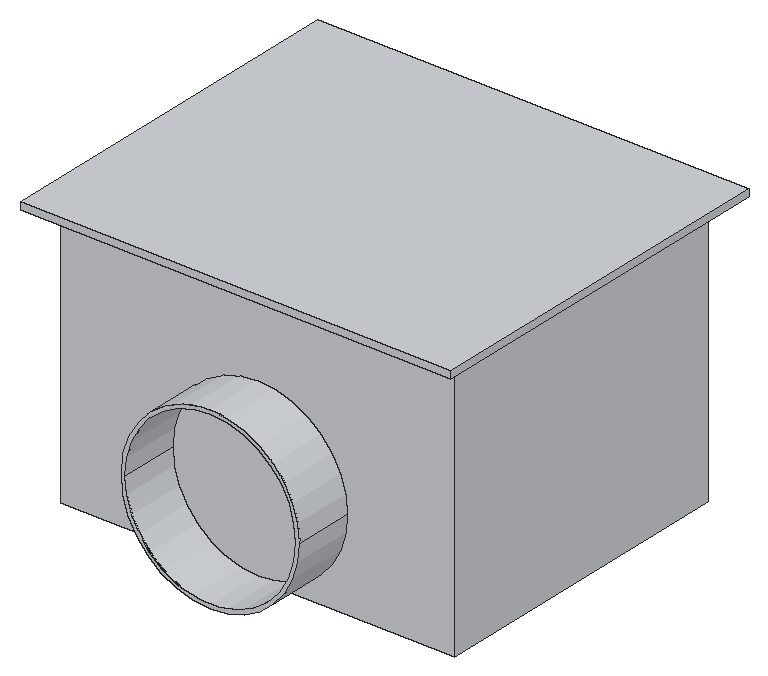
Revit family "EF-5", category Mechanical Equipment, host Face, Revit 2025
Family settings
  Host = Face
  Round Connector Dimension = Use Diameter
  Classification = None
  Part Type = Normal
  Cut with Voids When Loaded = Yes
  Maintain Annotation Orientation = Yes
  Shared = No
  Room Calculation Point = No
Parameters (values of type "SP-A90")
  g_t = 1/8"
  g_H = 1/4"
  g_B = 14 1/2"
  g_A = 12 1/2"
  URL = "https://www.greenheck.com/shop/ceiling-exhaust-fans/sp-a/sp-a90-qd"
  Model = "SP-A90"
  Manufacturer = "GREENHECK"
  Flow = 0 CFM
  Default Elevation = 48"
  D = 6"
  C = 9"
  B = 10 5/8"
  A = 13 1/4"
Reference planes (in)
  plane 1 "Center (Front/Back)": y = 0
  plane 2: z = 0
  plane 3 "Center (Left/Right)": x = 0
  plane 4: z = -9
  plane 5: z = 0.25
  plane 6 "A Face": y = -5.3125
Forms (in)
  Extrusion 1, solid
    sketch origin (0, 0, 0) x (1, 0, 0) y (0, 1, 0)
      loop
        line (-6.625, 5.3125) -> (-6.625, -5.3125) -> (6.625, -5.3125) -> (6.625, 5.3125) -> (-6.625, 5.3125)
    from 0 to -9
  Extrusion 2, solid
    sketch origin (0, 0, 0) x (1, 0, 0) y (0, 1, 0)
      loop
        line (-7.25, 6.25) -> (-7.25, -6.25) -> (7.25, -6.25) -> (7.25, 6.25) -> (-7.25, 6.25)
    from 0 to 0.25
Dimensions and locks (in)
  equal spacing: Extrusion 1 sketch curve, plane 3 "Center (Left/Right)", Extrusion 1 sketch curve
  equal spacing: Extrusion 1 sketch curve, plane 1 "Center (Front/Back)", Extrusion 1 sketch curve
  "B": Extrusion 1 sketch curve to Extrusion 1 sketch curve
  "A": Extrusion 1 sketch curve to Extrusion 1 sketch curve
  "C": plane 2 to plane 4
  equal spacing: Extrusion 2 sketch curve, plane 3 "Center (Left/Right)", Extrusion 2 sketch curve
  equal spacing: Extrusion 2 sketch curve, plane 1 "Center (Front/Back)", Extrusion 2 sketch curve
  "g_A": Extrusion 2 sketch curve to Extrusion 2 sketch curve
  "g_B": Extrusion 2 sketch curve to Extrusion 2 sketch curve
  "g_H": plane 5 to plane 2
  aligned and locked: plane 2 to host face
  aligned and locked: level to host face
  aligned and locked: plane 4 to Extrusion 1
  aligned and locked: plane 5 to Extrusion 2
  aligned and locked: plane 6 "A Face" to Extrusion 1
  aligned and locked: nested 1 to plane 3 "Center (Left/Right)"
  aligned and locked: plane 4 to nested 1
Automatic sketch dimensions
  host sketch curve to host sketch curve = 96"  (x2)
Nested families (in)
  nested 1: "Family1" at (0, -5.3125, -6) x (-1, 0, 0) z (0, -1, 0), type "Family1"
Connectors (in)
  hvac at (0, -7.3125, -6), driven by "Flow", driven by "D", driven by "D", driven by "D"
    settings: on nested 1, index 1, duct flow 0 CFM, flow factor 0, pres drop 0.00 in-wg, loss coef 0, conn angle 0.00°, conn width 6", conn height 6", conn diameter 6", duct sys type 3, conn prof type 0, flow config 0, flow direction 0, loss method 4, conn ref index -1, conn util no, is conn primary yes, conn desc ""
Definition of nested family "Family1"
  Parameters (values of type "Family1")
    Thickness = 1/4"
    Outer Diameter = 6"
    Inner Diameter = Outer Diameter - Thickness  # 5 3/4"
    Depth = 2"
    Default Elevation = 48"
  Reference planes (in)
    plane 1 "Center (Front/Back)": y = 0
    plane 2: z = 0
    plane 3 "Center (Left/Right)": x = 0
    plane 4: z = 2
    plane 5: y = -3
    plane 6: y = 3
    plane 7: x = 3
    plane 8: x = -3
  Forms (in)
    Extrusion 1, solid
      sketch origin (0, 0, 0) x (1, 0, 0) y (0, 1, 0)
        loop
          line (-48, 48) -> (-48, -48) -> (48, -48) -> (48, 48) -> (-48, 48)
      from 0 to -12
    Extrusion 2, solid
      sketch origin (0, 0, 0) x (1, 0, 0) y (0, 1, 0)
        loop
          circle (0, 0) r 3
        loop
          circle (0, 0) r 2.875
      from 0 to 2
  Dimensions and locks (in)
    "Depth": plane 4 to plane 2
    equal spacing: plane 8, plane 3 "Center (Left/Right)", plane 7
    equal spacing: plane 6, plane 1 "Center (Front/Back)", plane 5
    "Outer Diameter": plane 8 to plane 7
    "Outer Diameter": plane 5 to plane 6
    "Outer Diameter": diameter of Extrusion 2 sketch curve
    "Inner Diameter": diameter of Extrusion 2 sketch curve
    aligned and locked: plane 2 to Extrusion 1
    aligned and locked: level to Extrusion 1
    aligned and locked: plane 4 to Extrusion 2
  Automatic sketch dimensions
    Extrusion 1 sketch curve to Extrusion 1 sketch curve = 96"  (x2)
    Extrusion 2 sketch curve to Extrusion 2 sketch curve = 0"  (x2)
    plane 1 "Center (Front/Back)" to Extrusion 2 sketch curve = 0"
    Extrusion 2 sketch curve to plane 3 "Center (Left/Right)" = 0"
